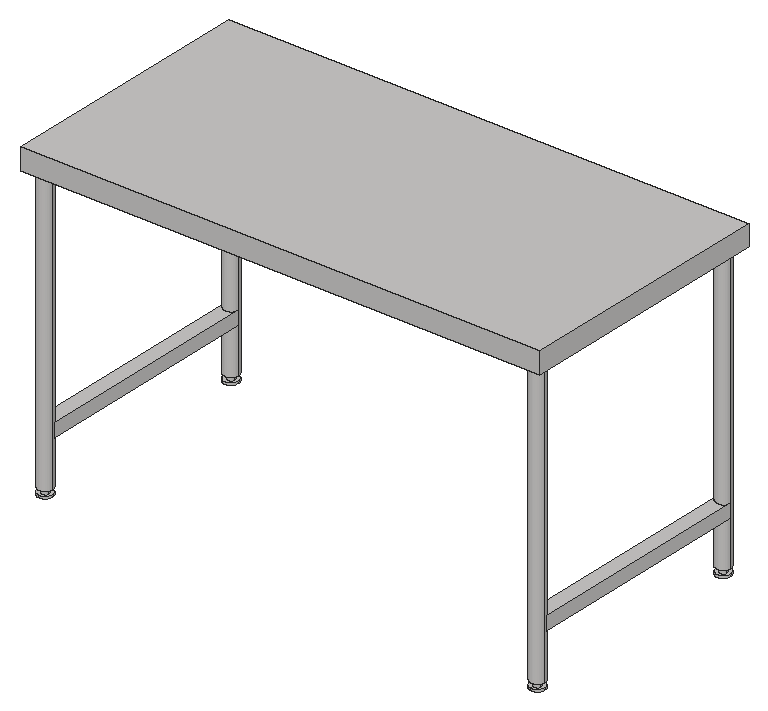
Revit family
Parameters (values of type "1500 X 750")
  URL = "http://www.autospec.co.za/browse.php?id=1644179283"
  Product Code = "None"
  OmniClass Title = ""
  OmniClass Number = ""
  Modspec Classification = ""
  Specification = ""
  Material = Stainless Steel Grade 304
  Location (revit room) = ""
  Description = ""
  Colour = none
  Body Finish = none
  Width = 750 mm
  Model = "Tables Series T-1500 X 750"
  Manufacturer = "Kwikot"  # constant formula
  Length = 1500 mm
  Height = 900 mm
  Assembly Code = "E1090300"
Reference planes
  plane 1 "Center (Front/Back)": y = 0
  plane 2 "Bottom": z = 0
  plane 3 "Center (Left/Right)": x = 0
  plane 4 "Left": x = -750
  plane 5 "Right": x = 750
  plane 6 "Front": y = -750
  plane 7 "Top": z = 900
  plane 8: z = 840
Forms (mm)
  Extrusion 1, solid, material "Stainless Steel Grade 304" <- "Material"
    sketch origin (-750, -491, 4000) x (0, -1, 0) y (0, 0, 1)
      loop
        line (-491, -3160) -> (259, -3160) -> (259, -3100) -> (-491, -3100) -> (-491, -3160)
    from 0 to -1500
  Extrusion 2, solid, material "Stainless Steel Grade 304" <- "Material"
    sketch origin (0, 0, 0) x (1, 0, 0) y (0, 1, 0)
      loop
        circle (-710, -710) r 21
      loop
        circle (-710, -40) r 21
      loop
        circle (710, -710) r 21
      loop
        circle (710, -40) r 21
    from 0 to 5
  Extrusion 3, solid, material "Stainless Steel Grade 304" <- "Material"
    sketch origin (0, 0, 0) x (1, 0, 0) y (0, 1, 0)
      loop
        circle (-710, -40) r 10
      loop
        circle (-710, -710) r 10
      loop
        circle (710, -710) r 10
      loop
        circle (710, -40) r 10
    from 5 to 20
  Extrusion 4, solid, material "Stainless Steel Grade 304" <- "Material"
    sketch origin (-779.234, -1524, 840) x (-1, 0, 0) y (0, -1, 0)
      loop
        circle (-69.234, -1484) r 21
      loop
        circle (-1489.234, -1484) r 21
      loop
        circle (-1489.234, -814) r 21
      loop
        circle (-69.234, -814) r 21
    from 0 to -820
  Extrusion 5, solid, material "Stainless Steel Grade 304" <- "Material"
    sketch origin (0, 0, 0) x (1, 0, 0) y (0, 1, 0)
      loop
        line (-731, -40) -> (-731, -710)
        arc (-731, -710) -> (-710, -689) -> (-689, -710) r 21
        line (-689, -710) -> (-689, -40)
        arc (-689, -40) -> (-710, -61) -> (-731, -40) r 21
      loop
        line (689, -40) -> (689, -710)
        arc (689, -710) -> (710, -689) -> (731, -710) r 21
        line (731, -710) -> (731, -40)
        arc (731, -40) -> (710, -61) -> (689, -40) r 21
    from 150 to 190
Lines and regions (mm)
  symbolic lines
    curve 1: line (-750, 0, 750) -> (-750, -750, 750)
    curve 2: line (750, 0, 750) -> (-750, 0, 750)
    curve 3: line (750, -750, 750) -> (750, 0, 750)
    curve 4: line (-750, -750, 750) -> (750, -750, 750)
Dimensions and locks
  equal spacing: plane 4 "Left", plane 3 "Center (Left/Right)", plane 5 "Right"
  "Length": plane 4 "Left" to plane 5 "Right"
  "Width": plane 1 "Center (Front/Back)" to plane 6 "Front"
  "Height": plane 7 "Top" to level
  plane 4 "Left" to Extrusion 2 sketch curve = 40 mm  (x2)
  Extrusion 2 sketch curve to plane 6 "Front" = 40 mm  (x2)
  Extrusion 2 sketch curve to plane 1 "Center (Front/Back)" = 40 mm  (x2)
  Extrusion 2 sketch curve to plane 5 "Right" = 40 mm  (x2)
  Extrusion 5 to plane 2 "Bottom" = 150 mm
  plane 7 "Top" to plane 8 = 60 mm
  radius of Extrusion 2 sketch curve = 21 mm  (x4)
  aligned and locked: level to plane 2 "Bottom"
  aligned and locked: Extrusion 1 sketch curve to plane 8
  aligned and locked: Extrusion 1 sketch curve to plane 1 "Center (Front/Back)"
  aligned and locked: Extrusion 1 sketch curve to plane 6 "Front"
  aligned and locked: plane 7 "Top" to Extrusion 1 sketch curve
  aligned and locked: plane 4 "Left" to Extrusion 1
  aligned and locked: Extrusion 1 to plane 5 "Right"
  aligned and locked: Extrusion 4 sketch curve to Extrusion 2  (x8)
  aligned and locked: Extrusion 4 to Extrusion 3
  aligned and locked: Extrusion 5 sketch curve to Extrusion 4  (x4)
Automatic sketch dimensions
  plane 1 "Center (Front/Back)" to curve 2 = 0 mm
  curve 2 to plane 5 "Right" = 0 mm
  curve 1 to plane 4 "Left" = 0 mm
  curve 1 to plane 6 "Front" = 0 mm
  Extrusion 3 sketch curve to plane 4 "Left" = 30 mm  (x2)
  Extrusion 3 sketch curve to Extrusion 3 sketch curve = 10 mm  (x4)
  plane 5 "Right" to Extrusion 3 sketch curve = 50 mm  (x2)
  plane 6 "Front" to Extrusion 3 sketch curve = 40 mm  (x2)
  plane 1 "Center (Front/Back)" to Extrusion 3 sketch curve = 40 mm  (x2)
  Extrusion 5 sketch curve to Extrusion 5 sketch curve = 0 mm
